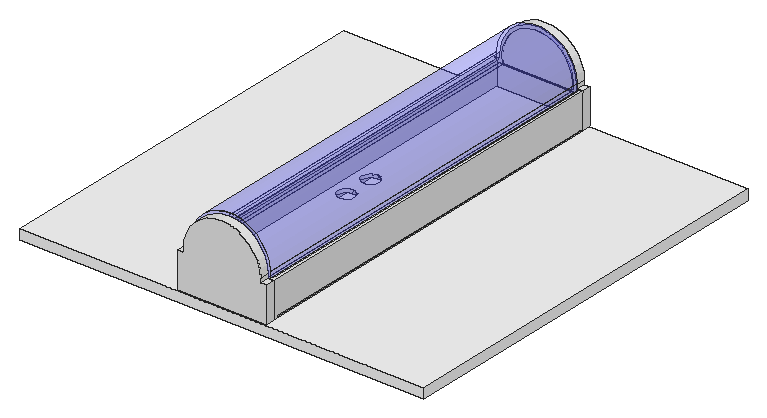
Revit family "BE_67682.3_de_DE", category Leuchten, Revit 2015
Parameters (values of type "BEGA_67682.3_K4")
  built-in parameter 1150104 = 13.462 (stored number, unit not read)
  Wattage = 9.8 W
  Default Elevation = 0 mm
  built-in parameter 1150113 = 1 (stored number, unit not read)
  built-in parameter 1114218 = 1 (stored number, unit not read)
  Umgebungstemperatur = "25 °C"
  URL = "http://www.bega.de/produkt/67682.3"
  Typenkommentare = "© 2017 BEGA. Wir behalten uns das Recht vor, technische Änderungen ohne vorherige Ankündigung vorzunehmen."  # constant formula
  built-in parameter 1150134 = 12
  built-in parameter 1150109 = 1 (stored number, unit not read)
  Strom = ""
  built-in parameter 1150110 = 1 (stored number, unit not read)
  Spannung = 239.996 V
  Sonderanfertigung = no
  Seriennummer [instance] = "Hier können Sie die eindeutige Seriennummer für das Facility Management eintragen."
  Schutzklasse = "I"
  Schutzart = "IP 44"
  Scheinlast = 0 VA
  Produktdatenblatt = "http://www.bega.de/download/Xrfa/db/67682.3.db.de.pdf"
  Oberflächentemperatur = ""
  Neigungswinkel = 0.00°
  Modell = "67682.3K4"
  Material_23 = BEGA_Oberfläche_Chrom_poliert
  Material_17 = BEGA_Reflektor
  Material_15 = BEGA_Leuchtmedium_matt
  Material_11 = BEGA_Glas_opal
  Material_09 = BEGA_Glas_klar
  Material_06 = BEGA_Oberfläche_Edelstahl_gebürstet
  Material_05 = BEGA_Oberfläche_Aluminium Guss
  Material_03 = BEGA_Oberfläche_Weiss_matt
  Material_02 = BEGA_Oberfläche_Silber_matt
  Material_01 [instance] = BEGA_Oberfläche_Grafit_matt
  M_W = no
  M_G = no
  M_A = no
  Logo = 0
  built-in parameter 1114217 = 1 (stored number, unit not read)
  built-in parameter 1150139 = (empty or 0)
  built-in parameter 1150105 = 113 (stored number, unit not read)
  built-in parameter 1150114 = 1 (stored number, unit not read)
  Lumens = 1420.02 lm
  built-in parameter 1150115 = 1 (stored number, unit not read)
  Leuchtenlichtstrom = "873 lm"
  Leuchtenanzahl = ""
  Lebensdauerkriterien = "L70B50 @ 25 °C = 95000 h"
  Lastklassifizierung = Beleuchtung
  built-in parameter 1150112 = 1 (stored number, unit not read)
  Lampenlichtstrom = "1420 lm"
  Lampe = "LED 9.8 W"
  LED_Modulbezeichnung = "2x LED-0551/840"
  Hersteller = "BEGA"  # constant formula
  Halbstreuwinkel = ""
  Gewicht = "1.8 kg"
  Gebrauchslageneinschränkung [instance] = ""
  Frequenz = "50/60 Hz"
  Farbwiedergabeindex = "Ra > 80"
  Farbtemperaturverschiebung bei Dämpfen der Lampe = <Keine Auswahl>
  Farbtemperatur = "4000 K"
  Color Filter = 16777215
  built-in parameter 1150133 = 10 (stored number, unit not read)
  Energieeffizienzklasse = "LED A++ - A"
  built-in parameter 1150137 = (empty or 0)
  built-in parameter 1150132 = (empty or 0)
  ENEC = ""
  Dimmbar [instance] = "1-10 V SELV"
  Datei für fotometrisches Netz = "BE_67682K4.IES"
  CE_Konformität = "ja"
  Bestellnummer = "67682.3K4"
  Beschreibung_Sonderanfertigung = "Hier können Sie Informationen zur Sonderanfertigung eintragen."
  Beschreibung = "Wandleuchte"
  built-in parameter 1150106 = 1.13 (stored number, unit not read)
  Befestigungsbohrung = "Ø 5,5 mm"
  Befestigungsabstand = "340 x 56 mm"
  Ballwurfsicher = ""
  BEGA_Intern_aus = yes
  BEGA_Intern_an = yes
  BEGA_Intern_Konstruktion = yes
  BEGA_Intern = yes
  BEGA_IES = yes
  BEGA_Dummy = no
  Anschlussleitung = ""
  Anschlussleistung [instance] = "12.4 W"
  Anschlusskasten = ""
  built-in parameter 1150107 = 4000 (stored number, unit not read)
  built-in parameter 1150102 = (empty or 0)
  built-in parameter 1150138 = (empty or 0)
  Aktualisierung = "2017-09-29T04:10:01"
  Abstand_zur_angestrahlten_Fläche [instance] = ""
  AC/DC = "AC"
Types (2, lengths in mm): name | built-in parameter 1150104 | built-in parameter 1150134 | Modell | built-in parameter 1150105 | Lumens | Leuchtenlichtstrom | Lampenlichtstrom | LED_Modulbezeichnung | Farbtemperatur | Datei für fotometrisches Netz | Bestellnummer | built-in parameter 1150106 | built-in parameter 1150107
  BEGA_67682.3_K3 | 12.607 (stored number, unit not read) | (empty or 0) | "67682.3" | 105.83 (stored number, unit not read) | 1329.86 lm | "818 lm" | "1330 lm" | "2x LED-0551/830" | "3000 K" | "BE_67682.IES" | "67682.3" | 1.0583 (stored number, unit not read) | 3000 (stored number, unit not read)
  BEGA_67682.3_K4 | 13.462 (stored number, unit not read) | 12 | "67682.3K4" | 113 (stored number, unit not read) | 1420.02 lm | "873 lm" | "1420 lm" | "2x LED-0551/840" | "4000 K" | "BE_67682K4.IES" | "67682.3K4" | 1.13 (stored number, unit not read) | 4000 (stored number, unit not read)
Reference planes
  plane 1 "Mitte (Vorne/Hinten)": y = 0
  plane 2: z = 0
  plane 3 "Mitte (Links/Rechts)": x = 0
  plane 4 "Links": x = -44
  plane 5 "Rechts": x = 44
  plane 6 "Unten": y = -200.1
  plane 7 "Oben": y = 200.1
  plane 8 "Vorne": z = 79.5
  plane 9 "Hinten": z = 0
Forms (mm)
  Extrusion 1, solid, material "BEGA_Platte_Weiss"
    sketch origin (0, -1119.2, 0) x (1, 0, 0) y (0, 1, 0)
      loop
        line (-200, 1319.2) -> (-200, 919.2) -> (200, 919.2) -> (200, 1319.2) -> (-200, 1319.2)
    from 0 to -10
  Extrusion 2, solid, material "BEGA_Dummy_matt", visible <- "BEGA_Dummy"
    sketch origin (80.095, -76.023, 0) x (1, 0, 0) y (0, 1, 0)
      loop
        line (-124.095, 276.023) -> (-124.095, -124.077) -> (-36.095, -124.077) -> (-36.095, 276.023) -> (-124.095, 276.023)
    from 0 to 79.5
Dimensions and locks
  plane 1 "Mitte (Vorne/Hinten)" to Extrusion 1 = 200 mm
  aligned and locked: plane 2 to Extrusion 1
  aligned and locked: level to Extrusion 1
Nested families
  nested 1: "BE_67682.3" at (0, 0, 0) x (0, 1, 0) z (0, 0, 1), type "BE_67682.3"
Connectors
  electrical at (0, 0, 0), driven by "Lastklassifizierung", driven by "Spannung", driven by "Scheinlast"
    settings: index 1, voltage 239.996 V, apparent load 0 VA, apparent load phase1 0 VA, apparent load phase2 0 VA, apparent load phase3 0 VA, power factor 1, load classification "Beleuchtung", number of poles 1, system type 31, power factor state 1, is connector primary yes, connector utility no, sub classification motor no, connector description ""
Definition of nested family "BE_67682.3"
  Parameters (values of type "BE_67682.3")
    Default Elevation = 1 mm
    URL = "http://www.bega.de/de/produkt"
    Type Comments = "© 2015 BEGA. Wir behalten uns das Recht vor, technische Änderungen ohne vorherige Ankündigung vorzunehmen. "  # constant formula
    Type Image = (empty or 0)
    Neigungswinkel_um_Z2 = 0.00°
    Neigungswinkel_um_Z1 = 0.00°
    Neigungswinkel_um_Y2 = 0.00°
    Neigungswinkel_um_Y1 = 0.00°
    Neigungswinkel_um_X2 = 0.00°
    Neigungswinkel_um_X1 = 0.00°
    Material_23 = none
    Material_17 = none
    Material_15 = none
    Material_11 = none
    Material_09 = none
    Material_06 = none
    Material_05 = none
    Material_03 = none
    Material_02 = none
    Material_01 = none
    M_W = yes
    M_G = yes
    M_A = yes
    Länge_Platte = 600 mm  # constant formula
    Höhe_Platte = -10 mm  # constant formula
    Manufacturer = "BEGA"  # constant formula
    Drehwinkel_um_Z2 = 0.00°
    Drehwinkel_um_Z1 = 0.00°
    Breite_Platte = 200 mm  # constant formula
  Reference planes
    plane 1 "Mitte (Oben/Unten)": y = 0
    plane 2: z = 0
    plane 3 "Mitte (Links/Rechts)": x = 0
    plane 4: x = -200.1
    plane 5: z = 79.5
    plane 6: x = 200.1
    plane 7: y = 44
    plane 8: y = -44
  Forms (mm)
    Extrusion 1, solid, detail levels medium
      sketch origin (0, 0, 0) x (1, 0, 0) y (0, 1, 0)
        loop
          line (-300, 100) -> (-300, -100) -> (300, -100) -> (300, 100) -> (-300, 100)
      from 0 to -10 <- "Höhe_Platte"
    Extrusion 2, solid, material <- "Material_23", detail levels medium+fine
      sketch origin (0, 0, 0) x (0, 1, 0) y (0, 0, 1)
        loop
          line (44, 36) -> (40.5, 36) -> (40.5, 33.852) -> (41.2, 33.5) -> (41.2, 10.8) -> (-21, 10.8) -> (-21, 4.883) -> (-21.995, 3.8) -> (-41.2, 3.8) -> (-41.2, 33.5) -> (-40.5, 33.852) -> (-40.5, 36) -> (-44, 36) -> (-44, 0.988)
          arc (-44, 0.988) -> (-42.633, 0.79) -> (-41.5, 0) r 3
          line (-41.5, 0) -> (-38.5, 0) -> (-38.5, 1) -> (-20.84, 1) -> (-18.559, 3.282) -> (-18.559, 8) -> (41.2, 8) -> (41.2, 3.8) -> (38.5, 3.8) -> (38.5, 0) -> (41.5, 0)
          arc (41.5, 0) -> (42.633, 0.79) -> (44, 0.988) r 3
          line (44, 0.988) -> (44, 36)
      from -191.1 to 191.1
    Extrusion 3, void
      sketch origin (0, 0, 0) x (1, 0, 0) y (0, 1, 0)
        loop
          circle (-15, 25) r 8.5
        loop
          circle (15, 25) r 8.5
        loop
          circle (-170, 28) r 2.75
        loop
          circle (170, -28) r 2.75
      from 0 to 13
    Extrusion 4, solid, material <- "Material_23", detail levels medium+fine
      sketch origin (0, 0, 0) x (0, 1, 0) y (0, 0, 1)
        loop
          line (-38, 39.479) -> (-38.075, 36) -> (-44, 36) -> (-44, 0.988) -> (44, 0.988) -> (44, 36) -> (38.075, 36) -> (38, 39.479)
          arc (38, 39.479) -> (0, 77.5) -> (-38, 39.479) r 38
      from -200.1 to -191.1
    Extrusion 5, solid, material <- "Material_23", detail levels medium+fine
      sketch origin (0, 0, 0) x (0, 1, 0) y (0, 0, -1)
        loop
          arc (-38, -39.479) -> (0, -77.5) -> (38, -39.479) r 38
          line (38, -39.479) -> (38.075, -36) -> (44, -36) -> (44, -0.988) -> (-44, -0.988) -> (-44, -36) -> (-38.075, -36) -> (-38, -39.479)
      from -200.1 to -191.1
    Extrusion 6, solid, material <- "Material_11", detail levels medium+fine
      sketch origin (0, 0, 0) x (0, 1, 0) y (0, 0, 1)
        loop
          line (40.078, 35.902) -> (39.917, 42.08)
          arc (39.917, 42.08) -> (0, 79.5) -> (-39.917, 42.08) r 40
          line (-39.917, 42.08) -> (-40.078, 35.902)
          arc (-40.078, 35.902) -> (-39.303, 33.81) -> (-37.297, 32.831) r 3
          line (-37.297, 32.831) -> (-34.021, 32.602) -> (34.021, 32.602) -> (37.297, 32.831)
          arc (37.297, 32.831) -> (39.303, 33.81) -> (40.078, 35.902) r 3
      from -189.75 to 189.75
    Extrusion 7, solid, material <- "Material_11", detail levels medium+fine
      sketch origin (0, 0, 0) x (0, 1, 0) y (0, 0, 1)
        loop
          arc (34.489, 33.543) -> (0, 74.5) -> (-34.489, 33.543) r 35
          line (-34.489, 33.543) -> (34.489, 33.543)
      from 187.75 to 191.69
    Extrusion 8, solid, material <- "Material_11", detail levels medium+fine
      sketch origin (0, 0, 0) x (0, 1, 0) y (0, 0, -1)
        loop
          line (34.489, -33.543) -> (-34.489, -33.543)
          arc (-34.489, -33.543) -> (0, -74.5) -> (34.489, -33.543) r 35
      from 187.75 to 191.711
    Revolve 9, void
      sketch origin (0, 0, 0) x (1, 0, 0) y (0, 0, 1)
        loop
          line (200.831, 23.931) -> (197.5, 20.6) -> (197.5, 18) -> (200.831, 18) -> (200.831, 23.931)
        axis (197.5, 18) -> (200.831, 18)
      angle from 0 to 360
    Revolve 10, solid, material <- "Material_06", detail levels fine
      sketch origin (0, 0, 0) x (1, 0, 0) y (0, 0, 1)
        loop
          arc (200.777, 18) -> (200.479, 20.423) -> (199.602, 22.702) r 10
          line (199.602, 22.702) -> (197.5, 20.6) -> (197.5, 18) -> (200.777, 18)
        axis (197.5, 18) -> (200.777, 18)
      angle from 0 to 360
  Cuts and joins
    Extrusion 3 cuts Extrusion 2
    joined: Extrusion 6, Extrusion 7, Extrusion 8
    Revolve 9 cuts Extrusion 4
    Revolve 9 cuts Extrusion 5
    joined: Extrusion 4, Extrusion 5
  Dimensions and locks
    equal spacing: Extrusion 1 sketch curve, plane 3 "Mitte (Links/Rechts)", Extrusion 1 sketch curve
    equal spacing: Extrusion 1 sketch curve, plane 1 "Mitte (Oben/Unten)", Extrusion 1 sketch curve
    "Länge_Platte": Extrusion 1 sketch curve to Extrusion 1 sketch curve
    "Breite_Platte": Extrusion 1 sketch curve to Extrusion 1 sketch curve
    aligned and locked: Extrusion 1 to plane 2
    aligned and locked: level to Extrusion 1
  Automatic sketch dimensions
    Extrusion 2 sketch curve to level = 0 mm  (x2)
    plane 1 "Mitte (Oben/Unten)" to Extrusion 2 sketch curve = 44 mm
    Extrusion 2 sketch curve to Extrusion 2 sketch curve = 0.264 mm
    Extrusion 2 sketch curve to Extrusion 2 sketch curve = 2.5 mm  (x3)
    Extrusion 2 sketch curve to Extrusion 2 sketch curve = 0.3 mm
    Extrusion 2 sketch curve to Extrusion 2 sketch curve = 0.7 mm
    level to Extrusion 2 sketch curve = 1 mm
    Extrusion 2 sketch curve to Extrusion 2 sketch curve = 3 mm  (x2)
    level to Extrusion 2 sketch curve = 3.8 mm  (x2)
    Extrusion 2 sketch curve to Extrusion 2 sketch curve = 16.505 mm
    Extrusion 2 sketch curve to Extrusion 2 sketch curve = 0.995 mm
    Extrusion 2 sketch curve to Extrusion 2 sketch curve = 1.155 mm
    Extrusion 2 sketch curve to Extrusion 2 sketch curve = 2.441 mm
    Extrusion 2 sketch curve to plane 1 "Mitte (Oben/Unten)" = 38.5 mm
    Extrusion 2 sketch curve to Extrusion 2 sketch curve = 2 mm
    Extrusion 2 sketch curve to Extrusion 2 sketch curve = 2.7 mm  (x2)
    Extrusion 2 sketch curve to Extrusion 2 sketch curve = 2.236 mm
    Extrusion 2 sketch curve to level = 2 mm  (x2)
    Extrusion 2 sketch curve to Extrusion 2 sketch curve = 2.282 mm
    Extrusion 2 sketch curve to Extrusion 2 sketch curve = 1.083 mm
    Extrusion 2 sketch curve to Extrusion 2 sketch curve = 4.2 mm
    Extrusion 2 sketch curve to Extrusion 2 sketch curve = 2.8 mm
    Extrusion 2 sketch curve to Extrusion 2 sketch curve = 29.7 mm
    Extrusion 2 sketch curve to Extrusion 2 sketch curve = 22.7 mm
    Extrusion 2 sketch curve to Extrusion 2 sketch curve = 0.352 mm  (x2)
    Extrusion 2 sketch curve to Extrusion 2 sketch curve = 2.148 mm
    Extrusion 3 sketch curve to plane 3 "Mitte (Links/Rechts)" = 15 mm
    plane 3 "Mitte (Links/Rechts)" to Extrusion 3 sketch curve = 15 mm
    plane 1 "Mitte (Oben/Unten)" to Extrusion 3 sketch curve = 28 mm
    Extrusion 3 sketch curve to plane 1 "Mitte (Oben/Unten)" = 25 mm  (x2)
    Extrusion 3 sketch curve to plane 1 "Mitte (Oben/Unten)" = 28 mm
    Extrusion 4 sketch curve to plane 1 "Mitte (Oben/Unten)" = 0 mm
    plane 1 "Mitte (Oben/Unten)" to Extrusion 4 sketch curve = 38 mm
    Extrusion 4 sketch curve to Extrusion 4 sketch curve = 0.075 mm  (x2)
    level to Extrusion 4 sketch curve = 0.988 mm
    Extrusion 4 sketch curve to Extrusion 4 sketch curve = 5.925 mm  (x2)
    Extrusion 4 sketch curve to plane 1 "Mitte (Oben/Unten)" = 38 mm
    Extrusion 4 sketch curve to Extrusion 4 sketch curve = 35.012 mm  (x2)
    Extrusion 4 sketch curve to Extrusion 4 sketch curve = 3.479 mm
    Extrusion 4 sketch curve to Extrusion 4 sketch curve = 0.021 mm
    Extrusion 5 sketch curve to plane 1 "Mitte (Oben/Unten)" = 0 mm
    plane 1 "Mitte (Oben/Unten)" to Extrusion 5 sketch curve = 38 mm
    Extrusion 5 sketch curve to Extrusion 5 sketch curve = 0.075 mm  (x2)
    level to Extrusion 5 sketch curve = 0.988 mm
    Extrusion 5 sketch curve to Extrusion 5 sketch curve = 5.925 mm  (x2)
    Extrusion 5 sketch curve to plane 1 "Mitte (Oben/Unten)" = 38 mm
    Extrusion 5 sketch curve to Extrusion 5 sketch curve = 35.012 mm  (x2)
    Extrusion 5 sketch curve to Extrusion 5 sketch curve = 3.479 mm
    Extrusion 5 sketch curve to Extrusion 5 sketch curve = 0.021 mm
    Extrusion 6 sketch curve to plane 1 "Mitte (Oben/Unten)" = 0 mm
    plane 1 "Mitte (Oben/Unten)" to Extrusion 6 sketch curve = 34.021 mm
    Extrusion 6 sketch curve to Extrusion 6 sketch curve = 3.058 mm  (x2)
    Extrusion 6 sketch curve to Extrusion 6 sketch curve = 0.219 mm  (x2)
    Extrusion 6 sketch curve to Extrusion 6 sketch curve = 2.999 mm  (x2)
    Extrusion 6 sketch curve to plane 1 "Mitte (Oben/Unten)" = 34.021 mm
    Extrusion 6 sketch curve to Extrusion 6 sketch curve = 2.838 mm
    level to Extrusion 6 sketch curve = 32.602 mm
    Extrusion 6 sketch curve to Extrusion 6 sketch curve = 0.229 mm  (x2)
    Extrusion 6 sketch curve to Extrusion 6 sketch curve = 2.992 mm  (x2)
    Extrusion 6 sketch curve to Extrusion 6 sketch curve = 6.898 mm
    Extrusion 6 sketch curve to Extrusion 6 sketch curve = 6.179 mm
    Extrusion 6 sketch curve to Extrusion 6 sketch curve = 0.161 mm
    Extrusion 6 sketch curve to Extrusion 6 sketch curve = 0 mm
    Extrusion 7 sketch curve to plane 1 "Mitte (Oben/Unten)" = 0 mm
    plane 1 "Mitte (Oben/Unten)" to Extrusion 7 sketch curve = 34.489 mm
    level to Extrusion 7 sketch curve = 33.543 mm
    Extrusion 7 sketch curve to Extrusion 7 sketch curve = 5.957 mm
    Extrusion 8 sketch curve to plane 1 "Mitte (Oben/Unten)" = 0 mm
    plane 1 "Mitte (Oben/Unten)" to Extrusion 8 sketch curve = 34.489 mm
    level to Extrusion 8 sketch curve = 39.5 mm
    level to Extrusion 8 sketch curve = 33.543 mm
    level to Revolve 9 sketch curve = 20.6 mm
    Revolve 9 sketch curve to Revolve 9 sketch curve = 3.331 mm  (x2)
    Revolve 9 sketch curve to Revolve 9 sketch curve = 2.6 mm
    Revolve 9 sketch curve to Revolve 9 sketch curve = 0 mm  (x2)
    Revolve 9 sketch curve to Revolve 9 sketch curve = 0.661 mm
    level to Revolve 10 sketch curve = 18 mm
    Revolve 10 sketch curve to Revolve 10 sketch curve = 6.723 mm
    level to Revolve 10 sketch curve = 22.702 mm
    Revolve 10 sketch curve to Revolve 10 sketch curve = 2.102 mm
    Revolve 10 sketch curve to Revolve 10 sketch curve = 2.6 mm
    Revolve 10 sketch curve to Revolve 10 sketch curve = 0 mm  (x3)
    Extrusion 3 sketch curve to Extrusion 3 sketch curve = 155 mm  (x2)
    plane 3 "Mitte (Links/Rechts)" to Revolve 9 sketch curve = 197.5 mm
    plane 3 "Mitte (Links/Rechts)" to Revolve 10 sketch curve = 190.777 mm
    radius of Extrusion 3 sketch curve = 8.5 mm  (x2)
    radius of Extrusion 3 sketch curve = 2.75 mm  (x2)
